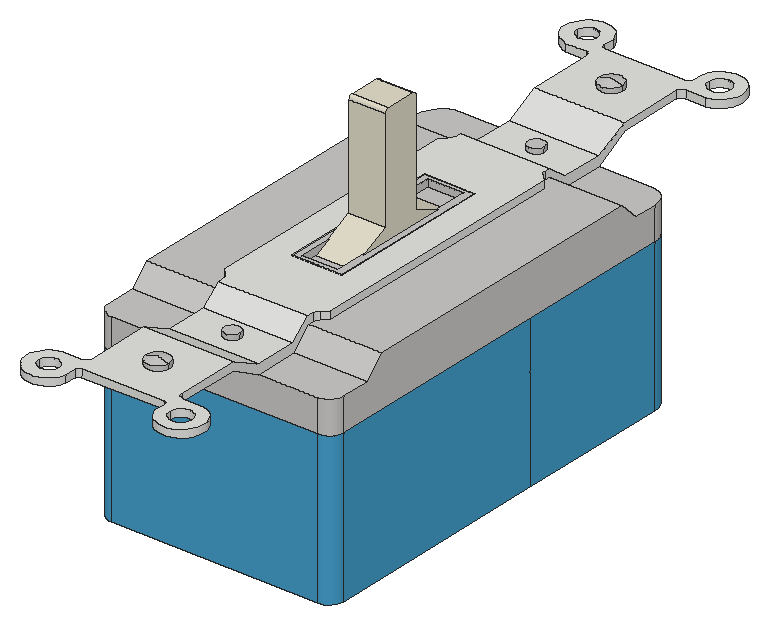
Revit family "LVS1HD", category Communication Devices, host Face, Revit 2021
Family settings
  Host = Face
  Maintain Annotation Orientation = No
  Round Connector Dimension = Use Diameter
  Part Type = Normal
  OmniClass Number = 23.85.80.11.27
  OmniClass Title = Lighting Controls
  Cut with Voids When Loaded = No
  Shared = Yes
  Room Calculation Point = No
Parameters
  Warranty = "5-Years Warranty"  # constant formula
  Type Comments = "Heavy Duty Low Voltage Wall Switch"  # constant formula
  Switch = Porcelain, Ivory
  Product Page URL = ""
  Product Documentation Link = ""
  URL = "https://www.currentlighting.com/nxlightingcontrols"
  Model = "LVS1HD"  # constant formula
  Metal = Steel, Non-Alloy
  Manufacturer = " NX Lighting Controls"  # constant formula
  Feartures = "• Gang-able, uses standard switch plate (not supplied)\r\n• Abuse resistant nylon toggle\r\n• UL 94V-2 flammability rating\r\n• Heavy duty Silver Alloy contacts\r\n• Compatible with CX panel low voltage inputs\r\n• Use NXCI Contact Interface module for compatibility with NX™\r\ndistributed controls\r\n• UL listed, CSA certified\r\n• Low voltage device: 24 VDC"  # constant formula
  Description = "Our LVS1HD heavy duty wall switch is ideal for high abuse applications where standard plastic low voltage wall switch stations are not suitable. The LVS1HD looks like a standard wall switch except has a spring loaded return to center toggle action that can be connected to lighting controls expecting a dry contact momentary input."  # constant formula
  Default Elevation = 48.00"
  Copyright = "Copyright ©  NX Lighting Controls"  # constant formula
  Contact Us = ""
  Housing Material = Metal-Galvanized_Steel
  Blue = Plastic - Blue
  Assembly Code = "D5090"
Reference planes (in)
  plane 1 "Center (Front/Back)": y = 11.68155
  plane 2: z = 0
  plane 3 "Center (Left/Right)": x = 0
  plane 4: z = 1.83
  plane 5: x = -0.66
  plane 6: x = 0.66
  plane 7: y = 13.71155
  plane 8: y = 9.65155
  plane 9: y = 10.49155
  plane 10: y = 12.87155
Forms (in)
  Extrusion 1, solid, material "Metal-Galvanized_Steel" <- "Housing Material"
    sketch origin (0, 0, 0) x (1, 0, 0) y (0, 1, 0)
      loop
        arc (-0.53102, 12.87155) -> (-0.62222, 12.83378) -> (-0.66, 12.74258) r 0.12898
        line (-0.66, 12.74258) -> (-0.66, 10.57529)
        arc (-0.66, 10.57529) -> (-0.63547, 10.51608) -> (-0.57627, 10.49155) r 0.08373
        line (-0.57627, 10.49155) -> (0.58015, 10.49155)
        arc (0.58015, 10.49155) -> (0.63661, 10.51494) -> (0.66, 10.57141) r 0.07985
        line (0.66, 10.57141) -> (0.66, 12.75402)
        arc (0.66, 12.75402) -> (0.62557, 12.83713) -> (0.54246, 12.87155) r 0.11754
        line (0.54246, 12.87155) -> (-0.53102, 12.87155)
    from 0.84646 to 1.13
  Extrusion 2, solid, material "Porcelain, Ivory" <- "Switch"
    sketch origin (0, 0, 0.73941) x (0, 1, 0) y (0, 0, 1)
      loop
        line (11.7855, 0.5004) -> (11.7855, 1.07038)
        arc (11.7855, 1.07038) -> (11.77957, 1.08467) -> (11.76528, 1.09059) r 0.02021
        line (11.76528, 1.09059) -> (11.59584, 1.09059)
        arc (11.59584, 1.09059) -> (11.58079, 1.08436) -> (11.57456, 1.06931) r 0.02128
        line (11.57456, 1.06931) -> (11.57456, 0.5) -> (11.23941, 0.34372) -> (12.12151, 0.34372) -> (11.7855, 0.5004)
    from -0.11074 to 0.09474
  Extrusion 3, void
    sketch origin (0, 0, 0) x (0, -1, 0) y (0, 0, 1)
      loop
        line (-12.87155, 1.13) -> (-12.87155, 1.03018) -> (-12.62155, 1.03018) -> (-12.52174, 1.13) -> (-12.87155, 1.13)
      loop
        line (-10.49155, 1.03018) -> (-10.49155, 1.13) -> (-10.84137, 1.13) -> (-10.74155, 1.03018) -> (-10.49155, 1.03018)
    from -0.66 to 0.66
  Extrusion 4, solid, material "Steel, Non-Alloy" <- "Metal"
    sketch origin (0, 0, 0) x (1, 0, 0) y (0, 1, 0)
      loop
        line (-0.29681, 12.42695) -> (-0.29681, 10.93616) -> (-0.26274, 10.90209)
        arc (-0.26274, 10.90209) -> (-0.25331, 10.88798) -> (-0.25, 10.87134) r 0.04349
        line (-0.25, 10.87134) -> (-0.25, 10.8353) -> (0.25, 10.8353) -> (0.25, 10.87134)
        arc (0.25, 10.87134) -> (0.25331, 10.88798) -> (0.26274, 10.90209) r 0.04349
        line (0.26274, 10.90209) -> (0.29681, 10.93616) -> (0.29681, 12.42695) -> (0.26274, 12.46102)
        arc (0.26274, 12.46102) -> (0.25331, 12.47513) -> (0.25, 12.49177) r 0.04349
        line (0.25, 12.49177) -> (0.25, 12.5278) -> (-0.25, 12.5278) -> (-0.25, 12.49177)
        arc (-0.25, 12.49177) -> (-0.25331, 12.47513) -> (-0.26274, 12.46102) r 0.04349
        line (-0.26274, 12.46102) -> (-0.29681, 12.42695)
      loop
        line (-0.14643, 12.1467) -> (-0.14643, 11.21583) -> (0.13283, 11.21583) -> (0.13283, 12.1467) -> (-0.14643, 12.1467)
      loop
        line (-0.25, 13.05188) -> (0.25, 13.05188) -> (0.25, 13.41491)
        arc (0.25, 13.41491) -> (0.25881, 13.43617) -> (0.28007, 13.44498) r 0.03007
        line (0.28007, 13.44498) -> (0.39084, 13.44498)
        arc (0.39084, 13.44498) -> (0.46345, 13.65269) -> (0.25, 13.59927) r 0.125
        line (0.25, 13.59927) -> (0.25, 13.53544)
        arc (0.25, 13.53544) -> (0.24364, 13.52009) -> (0.22829, 13.51373) r 0.02171
        line (0.22829, 13.51373) -> (-0.22829, 13.51373)
        arc (-0.22829, 13.51373) -> (-0.24364, 13.52009) -> (-0.25, 13.53544) r 0.02171
        line (-0.25, 13.53544) -> (-0.25, 13.59927)
        arc (-0.25, 13.59927) -> (-0.46345, 13.65269) -> (-0.39084, 13.44498) r 0.125
        line (-0.39084, 13.44498) -> (-0.28007, 13.44498)
        arc (-0.28007, 13.44498) -> (-0.25881, 13.43617) -> (-0.25, 13.41491) r 0.03007
        line (-0.25, 13.41491) -> (-0.25, 13.05188)
      loop
        circle (0.37113, 13.56842) r 0.06315
      loop
        circle (-0.37113, 13.56842) r 0.05662
      loop
        line (-0.25, 10.31123) -> (-0.25, 9.9482)
        arc (-0.25, 9.9482) -> (-0.25881, 9.92694) -> (-0.28007, 9.91813) r 0.03007
        line (-0.28007, 9.91813) -> (-0.39084, 9.91813)
        arc (-0.39084, 9.91813) -> (-0.46345, 9.71042) -> (-0.25, 9.76384) r 0.125
        line (-0.25, 9.76384) -> (-0.25, 9.82767)
        arc (-0.25, 9.82767) -> (-0.24364, 9.84302) -> (-0.22829, 9.84938) r 0.02171
        line (-0.22829, 9.84938) -> (0.22829, 9.84938)
        arc (0.22829, 9.84938) -> (0.24364, 9.84302) -> (0.25, 9.82767) r 0.02171
        line (0.25, 9.82767) -> (0.25, 9.76384)
        arc (0.25, 9.76384) -> (0.46345, 9.71042) -> (0.39084, 9.91813) r 0.125
        line (0.39084, 9.91813) -> (0.28007, 9.91813)
        arc (0.28007, 9.91813) -> (0.25881, 9.92694) -> (0.25, 9.9482) r 0.03007
        line (0.25, 9.9482) -> (0.25, 10.31123) -> (-0.25, 10.31123)
      loop
        circle (0.37113, 9.79469) r 0.06315
      loop
        circle (-0.37113, 9.79469) r 0.05662
    from 1.13 to 1.17178
  Extrusion 5, solid, material "Steel, Non-Alloy" <- "Metal"
    sketch origin (0, 0, 0) x (0, 1, 0) y (0, 0, 1)
      loop
        line (13.05188, 1.17178) -> (12.87155, 1.08602) -> (12.63389, 1.08602) -> (12.5278, 1.17178) -> (12.5278, 1.12805) -> (12.62567, 1.03018) -> (12.87155, 1.03018) -> (13.05188, 1.13) -> (13.05188, 1.17178)
      loop
        line (10.49155, 1.08602) -> (10.31123, 1.17178) -> (10.31123, 1.13) -> (10.49155, 1.03018) -> (10.73744, 1.03018) -> (10.8353, 1.12805) -> (10.8353, 1.17178) -> (10.72921, 1.08602) -> (10.49155, 1.08602)
    from -0.25 to 0.25
  Extrusion 6, solid, material "Plastic - Blue" <- "Blue"
    sketch origin (0, 0, 0) x (1, 0, 0) y (0, 1, 0)
      loop
        line (0.54246, 12.87155) -> (-0.53102, 12.87155)
        arc (-0.53102, 12.87155) -> (-0.62222, 12.83378) -> (-0.66, 12.74258) r 0.12898
        line (-0.66, 12.74258) -> (-0.66, 11.94398) -> (-0.66, 10.57529)
        arc (-0.66, 10.57529) -> (-0.63547, 10.51608) -> (-0.57627, 10.49155) r 0.08373
        line (-0.57627, 10.49155) -> (0.58015, 10.49155)
        arc (0.58015, 10.49155) -> (0.63661, 10.51494) -> (0.66, 10.57141) r 0.07985
        line (0.66, 10.57141) -> (0.66, 11.87944) -> (0.66, 12.75402)
        arc (0.66, 12.75402) -> (0.62557, 12.83713) -> (0.54246, 12.87155) r 0.11754
    from 0 to 0.84646
  Extrusion 7, solid, material "Metal-Galvanized_Steel" <- "Housing Material"
    sketch origin (0, 0, 0) x (1, 0, 0) y (0, 1, 0)
      loop
        line (-0.14643, 12.1467) -> (-0.14643, 11.21583) -> (0.13283, 11.21583) -> (0.13283, 12.1467) -> (-0.14643, 12.1467)
      loop
        line (-0.11074, 12.12151) -> (-0.11074, 11.23941) -> (0.09474, 11.23941) -> (0.09474, 12.12151) -> (-0.11074, 12.12151)
    from 1.13 to 1.17178
  Revolve 8, solid, material "Metal-Galvanized_Steel" <- "Housing Material"
    sketch origin (0, 13.27005, 0.02344) x (1, 0, 0) y (0, 0, 1)
      loop
        line (0, 1.13) -> (0.06445, 1.13) -> (0.06445, 1.17178)
        arc (0.06445, 1.17178) -> (0.03249, 1.1814) -> (0, 1.18904) r 0.54158
        line (0, 1.18904) -> (0, 1.13)
      axis (0, 1.18904) -> (0, 1.13)
    angle from 0 to 360
  Revolve 9, solid, material "Metal-Galvanized_Steel" <- "Housing Material"
    sketch origin (0, 10.09305, 0.02344) x (1, 0, 0) y (0, 0, -1)
      loop
        line (0, -1.13) -> (0, -1.18904)
        arc (0, -1.18904) -> (0.03249, -1.1814) -> (0.06445, -1.17178) r 0.54158
        line (0.06445, -1.17178) -> (0.06445, -1.13) -> (0, -1.13)
      axis (0, -1.18904) -> (0, -1.13)
    angle from 0 to 360
  Extrusion 10, solid, material "Metal-Galvanized_Steel" <- "Housing Material"
    sketch origin (0, 0, 0) x (1, 0, 0) y (0, 1, 0)
      loop
        circle (0, 12.74681) r 0.04466
      loop
        circle (0, 10.6163) r 0.04466
    from 1.08312 to 1.11051
Cuts and joins
  Extrusion 3 cuts Extrusion 1
  Extrusion 3 cuts Extrusion 2
  joined: Extrusion 4, Extrusion 5
Dimensions and locks (in)
  plane 4 to plane 2 = 1.83"
  aligned and locked: plane 2 to host face
  aligned and locked: level to host face
  aligned and locked: plane 4 to Extrusion 2 sketch curve
  aligned and locked: Extrusion 5 to Extrusion 4  (x2)
  aligned and locked: Extrusion 6 to cut or joined group of Extrusion 1, Extrusion 3
  aligned and locked: Extrusion 10 to cut or joined group of Extrusion 2, Extrusion 3
Connectors (in)
  electrical at (0, 11.68155, 1.13)
    settings: on cut or joined group of Extrusion 1, Extrusion 3, index 1, voltage 0 V, apparent load 0 VA, apparent load phase1 0 VA, apparent load phase2 0 VA, apparent load phase3 0 VA, power factor 1, load classification "Other", number of poles 1, system type 14, power factor state 1, is connector primary yes, connector utility no, sub classification motor no, connector description "Lighting Controls\r Switch"
